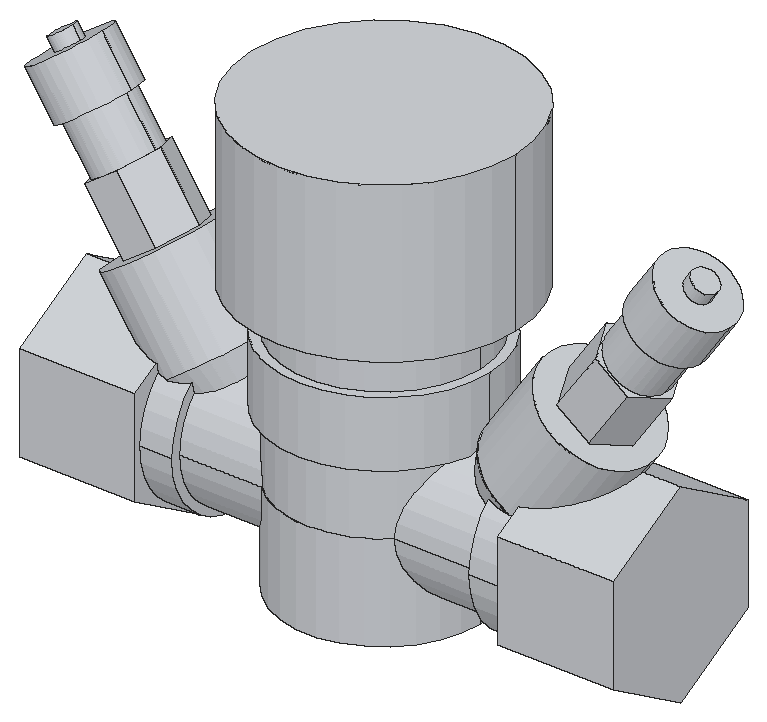
Revit family "D9525-DN20-RFA2018", category Pipe Accessories, Revit 2018
Family settings
  Round Connector Dimension = Use Diameter
  Part Type = Valve - Breaks Into
  Work Plane-Based = No
  Always vertical = Yes
  Cut with Voids When Loaded = No
  Shared = No
Parameters (values of type "9525 DN20")
  magiProductId = "da587af331304b45b3ec03b8fa0f34"
  magiProductFamilyId = "ec630ab62332464eb6277f46734e39"
  magiPartTypeId = 304
  isMeasuringValve [instance] = no
  ang2D [instance] = 0.00°
  ZZ = 11.213 mm
  ZN = 2 mm
  ZB1 = 12.667 mm
  ZB = 14.667 mm
  Z11 = 7 mm
  Z1 = 10 mm
  X0 = 18 mm
  W2D = 20 mm
  VersionID = "2.0/2019.5.23.1/VIR_9525_201"
  VIS0 = no
  V22 = 15.7 mm
  V2 = 17.8 mm
  V = 40 mm
  Use Minimum Symbol Size [instance] = no
  URL = "www.hydronix.cz"
  Type Comments = "závitový; PN10 (-10~+120°C) nebo PN20 (-10~+80°C)"
  RT = 2 mm
  RN = 14.667 mm
  R9 = 5 mm
  R8 = 6 mm
  R3 = 12 mm
  R2 = 10.667 mm
  R11 = 4.5 mm
  R1 = 9 mm
  R = 10 mm
  QmdConnectorList = "301;D;302;D"
  Productdata [instance] = ""
  Manufacturer = "Hydronix"
  MC Product Code = "9525 020 (D9525 DN20; kvs=3,47)"
  MC Piping Given Pressure Drop [instance] = 0.0 Pa
  MC Enable LOD 350 = no
  MC Enable LOD 200 = no
  MC Constant Outlet Pressure [instance] = 0.0 Pa
  L_2 = 45 mm
  LLDONLY = not(BBVIS)  # yes
  LLDAndHLD = and(or(LLDONLY, MC Enable LOD 350), not(BBVIS))  # yes
  LC = 9.8 mm
  L3 = 22.5 mm
  L2__ve = -L2  # -5 mm
  L2D_Min = 30.48 mm
  L2D = 90 mm
  L2 = 5 mm
  L1__ve = -L1  # -17.5 mm
  L1 = 17.5 mm
  L = 90 mm
  I4 = 29.585 mm
  I3 = 47.585 mm
  I2 = 52.5 mm
  I = 105 mm
  HBTR = 7.737 mm
  HBT3 = 7.737 mm
  HBT2 = 10.316 mm
  HBT11 = 14.577 mm
  HBT1 = 25.79 mm
  HBT = 51.58 mm
  HB = 51 mm
  ENBL350 = and(MC Enable LOD 350, not(BBVIS))  # no
  Description = "Ruční vyvažovací a 2-cestný regulační ventil závitový; bronzový; DN20; kvs3,47"
  DB11 = 27.813 mm
  DB1 = 32.205 mm
  DB = 29.277 mm
  D = 20 mm
  CenSd_RN_6 = RN * cos(30.00°)  # 12.702 mm
  CenSd_R8_6 = R8 * cos(30.00°)  # 5.196 mm
  CAT0 = yes
  CAT = no
  BBVIS = MC Enable LOD 200  # no
Types (4, lengths in mm): name | magiProductId | ZZ | ZB1 | ZB | Z11 | Z1 | W2D | RN | R3 | R2 | R | MC Product Code | L_2 | L2D | L | I4 | I3 | I2 | I | HBTR | HBT3 | HBT2 | HBT11 | HBT1 | HBT | HB | Description | DB11 | DB1 | DB | D | CenSd_RN_6
  9525 DN15 NF | "38bc2a49e75f44a19550cf5c31e8d8" | 10.076 | 9 | 11 | 7 | 10 | 15 | 11 | 9 | 8 | 7.5 | "9525 015 (D9525 DN15NF; kvs=1,83)" | 41.5 | 83 | 83 | 26.585 | 44.585 | 49.5 | 99 | 6.952 | 6.952 | 9.27 | 13.099 | 23.175 | 46.35 | 51 | "Ruční vyvažovací a 2-cestný regulační ventil závitový; bronzový; DN15NF; kvs1,83" | 25.65 | 29.7 | 27 | 15 | 9.526
  9525 DN15 LF | "0f0d3c44fff84d33bcc3edb98b3d66" | 10.076 | 9 | 11 | 7 | 10 | 15 | 11 | 9 | 8 | 7.5 | "9525 014 (D9525 DN15LF; kvs=0,86)" | 41.5 | 83 | 83 | 26.585 | 44.585 | 49.5 | 99 | 6.952 | 6.952 | 9.27 | 13.099 | 23.175 | 46.35 | 51 | "Ruční vyvažovací a 2-cestný regulační ventil závitový; bronzový; DN15LF; kvs0,86" | 25.65 | 29.7 | 27 | 15 | 9.526
  9525 DN20 | "da587af331304b45b3ec03b8fa0f34" | 11.213 | 12.667 | 14.667 | 7 | 10 | 20 | 14.667 | 12 | 10.667 | 10 | "9525 020 (D9525 DN20; kvs=3,47)" | 45 | 90 | 90 | 29.585 | 47.585 | 52.5 | 105 | 7.737 | 7.737 | 10.316 | 14.577 | 25.79 | 51.58 | 51 | "Ruční vyvažovací a 2-cestný regulační ventil závitový; bronzový; DN20; kvs3,47" | 27.813 | 32.205 | 29.277 | 20 | 12.702
  9525 DN25 | "1f5bab54bc3c45cdac322ce9a95cfe" | 11.971 | 16.333 | 18.333 | 9.745 | 13.922 | 25 | 18.333 | 15 | 13.333 | 12.5 | "9525 025 (D9525 DN25; kvs=6,30)" | 49 | 98 | 98 | 31.585 | 49.585 | 54.5 | 109 | 8.26 | 8.26 | 11.013 | 15.562 | 27.533 | 55.067 | 71 | "Ruční vyvažovací a 2-cestný regulační ventil závitový; bronzový; DN25; kvs6,30" | 30.286 | 35.067 | 31.88 | 25 | 15.877
Reference planes
  plane 1 "Center (Front/Back)": y = 0
  plane 2 "XYPLANE": z = 0
  plane 3 "Center (Left/Right)": x = 0
  plane 4 "506": x = -2.2
  plane 5 "476": through (-589.932, 0, 439.368) normal (0.5736, 0, 0.8192)
  plane 6 "473": through (-638.796, 0, -420.997) normal (-0.5736, 0, 0.8192)
  plane 7 "470": z = -12.667
  plane 8 "442": x = 52.5
  plane 9 "441": x = -52.5
  plane 10 "440": y = 20
  plane 11 "439": y = -20
  plane 12 "438": z = -14.667
  plane 13 "436": through (-566.779, 0, 472.434) normal (0.5736, 0, 0.8192)
  plane 14 "435": through (-571.217, 0, 466.096) normal (0.5736, 0, 0.8192)
  plane 15 "434": through (-575.654, 0, 459.759) normal (0.5736, 0, 0.8192)
  plane 16 "433": through (-581.571, 0, 451.308) normal (0.5736, 0, 0.8192)
  plane 17 "422": through (-661.949, 0, -387.93) normal (-0.5736, 0, 0.8192)
  plane 18 "419": through (-657.511, 0, -394.268) normal (-0.5736, 0, 0.8192)
  plane 19 "416": through (-653.074, 0, -400.606) normal (-0.5736, 0, 0.8192)
  plane 20 "413": through (-647.157, 0, -409.056) normal (-0.5736, 0, 0.8192)
  plane 21 "400": z = 35.2
  plane 22 "397": z = 33.2
  plane 23 "396": z = 51
  plane 24 "395": z = 27
  plane 25 "394": x = -20
  plane 26 "393": x = -0.2
  plane 27 "390": z = 20
  plane 28 "387": z = 10
  plane 29 "369": x = -18
  plane 30 "368": x = 18
  plane 31 "364": z = -14.667
  plane 32 "356": y = 0
  plane 33 "355": through (-448.182, 0, 614.364) normal (0.8192, 0, 0.5736)
  plane 34 "353": through (-632.364, 0, -430.182) normal (-0.5736, 0, 0.8192)
  plane 35 "328": y = 0
  plane 36 "157": x = 22.5
  plane 37 "70": through (-596.364, 0, 430.182) normal (0.5736, 0, 0.8192)
  plane 38 "68": through (448.182, 0, 614.364) normal (0.8192, 0, -0.5736)
  plane 39 "21": x = -22.5
  plane 40 "20": x = 27.5
  plane 41 "19": x = -27.5
  plane 42 "13": x = 0
  plane 43 "11": x = 45
  plane 44 "10": x = -45
  plane 45 "9": y = 0
  plane 46 "8": z = 0
  plane 47 "340XY": through (-632.364, 0, -430.182) normal (-0.5736, 0, 0.8192)
  plane 48 "340XZ": y = 0
  plane 49 "340YZ": through (-448.182, 0, 614.364) normal (0.8192, 0, 0.5736)
  plane 50 "65XY": through (-596.364, 0, 430.182) normal (0.5736, 0, 0.8192)
  plane 51 "65XZ": y = 0
  plane 52 "65YZ": through (448.182, 0, 614.364) normal (0.8192, 0, -0.5736)
Forms (mm)
  Extrusion 1, solid, visible <- "LLDAndHLD"
    sketch origin (-581.571, 0, 451.308) x (0.819152, 0, -0.573576) y (0, 1, 0)
      loop
        line (756, 0) -> (753, 5.196) -> (747, 5.196) -> (744, 0) -> (747, -5.196) -> (753, -5.196) -> (756, 0)
    from 0 to 10.316 <- "HBT2"
  Extrusion 2, solid, visible <- "LLDAndHLD"
    sketch origin (-647.157, 0, -409.056) x (0.819152, 0, 0.573576) y (0, 1, 0)
      loop
        line (756, 0) -> (753, 5.196) -> (747, 5.196) -> (744, 0) -> (747, -5.196) -> (753, -5.196) -> (756, 0)
    from 0 to 10.316 <- "HBT2"
  Blend 3, solid, visible <- "LLDAndHLD"
    base sketch origin (-596.364, 0, 430.182) x (0.819152, 0, -0.573576) y (0, 1, 0)
      loop
        circle (750, 0) r 4.5
    top sketch origin (-596.364, 0, 430.182) x (0.819152, 0, -0.573576) y (0, 1, 0)
      loop
        circle (750, 0) r 9
    from 0 to 11.213
  Blend 4, solid, visible <- "LLDAndHLD"
    base sketch origin (-638.796, 0, -420.997) x (0.819152, 0, 0.573576) y (0, 1, 0)
      loop
        circle (750, 0) r 9
    top sketch origin (-638.796, 0, -420.997) x (0.819152, 0, 0.573576) y (0, 1, 0)
      loop
        circle (750, 0) r 4.5
    from 0 to -11.213
  Blend 5, solid, visible <- "ENBL350"
    base sketch origin (-750, 0, -12.667) x (1, 0, 0) y (0, 1, 0)
      loop
        circle (750, 0) r 14.639
    top sketch origin (-750, 0, -12.667) x (1, 0, 0) y (0, 1, 0)
      loop
        circle (750, 0) r 13.907
    from 0 to -2
  Extrusion 6, solid, visible <- "ENBL350"
    sketch origin (-750, 0, -12.667) x (1, 0, 0) y (0, 1, 0)
      loop
        circle (750, 0) r 14.639
    from 0 to 12.667 <- "ZB1"
  Blend 7, solid, visible <- "BBVIS"
    base sketch origin (-750, 0, -14.667) x (1, 0, 0) y (0, 1, 0)
      loop
        line (697.5, -20) -> (802.5, -20) -> (802.5, 20) -> (697.5, 20) -> (697.5, -20)
    top sketch origin (-750, 0, -14.667) x (1, 0, 0) y (0, 1, 0)
      loop
        line (697.5, -20) -> (802.5, -20) -> (802.5, 20) -> (697.5, 20) -> (697.5, -20)
    from 0 to 65.667
  Blend 8, solid, visible <- "LLDONLY"
    base sketch origin (-750, 0, 27) x (1, 0, 0) y (0, 1, 0)
      loop
        circle (750, 0) r 20
    top sketch origin (-750, 0, 27) x (1, 0, 0) y (0, 1, 0)
      loop
        circle (750, 0) r 20
    from 0 to 24
  Extrusion 9, solid, visible <- "LLDAndHLD"
    sketch origin (-589.932, 0, 439.368) x (0.819152, 0, -0.573576) y (0, 1, 0)
      loop
        circle (750, 0) r 9
    from 0 to 14.577 <- "HBT11"
  Extrusion 10, solid, visible <- "LLDAndHLD"
    sketch origin (-575.654, 0, 459.759) x (0.819152, 0, -0.573576) y (0, 1, 0)
      loop
        circle (750, 0) r 5
    from 0 to 7.737 <- "HBT3"
  Extrusion 11, solid, visible <- "LLDAndHLD"
    sketch origin (-571.217, 0, 466.096) x (0.819152, 0, -0.573576) y (0, 1, 0)
      loop
        circle (750, 0) r 6
    from 0 to 7.737 <- "HBTR"
  Extrusion 12, solid, visible <- "LLDAndHLD"
    sketch origin (-566.779, 0, 472.434) x (0.819152, 0, -0.573576) y (0, 1, 0)
      loop
        circle (750, 0) r 2
    from 0 to 2
  Extrusion 13, solid, visible <- "LLDAndHLD"
    sketch origin (-661.949, 0, -387.93) x (0.819152, 0, 0.573576) y (0, 1, 0)
      loop
        circle (750, 0) r 2
    from 0 to 2
  Extrusion 14, solid, visible <- "LLDAndHLD"
    sketch origin (-657.511, 0, -394.268) x (0.819152, 0, 0.573576) y (0, 1, 0)
      loop
        circle (750, 0) r 6
    from 0 to 7.737 <- "HBTR"
  Extrusion 15, solid, visible <- "LLDAndHLD"
    sketch origin (-653.074, 0, -400.606) x (0.819152, 0, 0.573576) y (0, 1, 0)
      loop
        circle (750, 0) r 5
    from 0 to 7.737 <- "HBT3"
  Extrusion 16, solid, visible <- "LLDAndHLD"
    sketch origin (-638.796, 0, -420.997) x (0.819152, 0, 0.573576) y (0, 1, 0)
      loop
        circle (750, 0) r 9
    from 0 to 14.577 <- "HBT11"
  Revolve 17, solid, visible <- "ENBL350"
    sketch origin (-0.2, 0, 27) x (0, 0, -1) y (1, 0, 0)
      loop
        line (0, 0) -> (-24, 0) -> (-24, -2) -> (-24, -4.1)
        arc (-24, -4.1) -> (-19.402, -15.202) -> (-8.3, -19.8) r 15.7
        line (-8.3, -19.8) -> (0, -19.8) -> (0, -2) -> (0, 0)
      axis (-24, 0.2) -> (0, 0.2)
    angle from 0 to -360
  Extrusion 18, solid, visible <- "LLDAndHLD"
    sketch origin (-750, 0, 20) x (1, 0, 0) y (0, 1, 0)
      loop
        circle (750, 0) r 14.639
    from 0 to 7 <- "Z11"
  Extrusion 19, solid, visible <- "LLDAndHLD"
    sketch origin (-750, 0, 10) x (1, 0, 0) y (0, 1, 0)
      loop
        circle (750, 0) r 16.102
    from 0 to 10 <- "Z1"
  Blend 20, solid, visible <- "LLDAndHLD"
    base sketch origin (-22.5, -750, 0) x (0, 1, 0) y (0, 0, 1)
      loop
        circle (750, 0) r 10.667
    top sketch origin (-22.5, -750, 0) x (0, 1, 0) y (0, 0, 1)
      loop
        circle (750, 0) r 10.667
    from 0 to 45
  Extrusion 21, solid, visible <- "LLDAndHLD"
    sketch origin (-750, 0, 0) x (1, 0, 0) y (0, 1, 0)
      loop
        circle (750, 0) r 14.639
    from 0 to 10 <- "Z1"
  Extrusion 22, solid, visible <- "LLDONLY"
    sketch origin (-750, 0, -14.667) x (1, 0, 0) y (0, 1, 0)
      loop
        circle (750, 0) r 14.639
    from 0 to 14.667 <- "ZB"
  Extrusion 23, solid, visible <- "LLDAndHLD"
    sketch origin (22.5, -750, 0) x (0, 1, 0) y (0, 0, 1)
      loop
        circle (750, 0) r 12
    from 0 to 5 <- "L2"
  Extrusion 24, solid, visible <- "LLDAndHLD"
    sketch origin (-22.5, -750, 0) x (0, 1, 0) y (0, 0, 1)
      loop
        circle (750, 0) r 12
    from 0 to -5 <- "L2__ve"
  Extrusion 25, solid, visible <- "LLDAndHLD"
    sketch origin (45, -750, 0) x (0, 1, 0) y (0, 0, 1)
      loop
        line (750, 14.667) -> (737.298, 7.333) -> (737.298, -7.333) -> (750, -14.667) -> (762.702, -7.333) -> (762.702, 7.333) -> (750, 14.667)
    from 0 to -17.5 <- "L1__ve"
  Extrusion 26, solid, visible <- "LLDAndHLD"
    sketch origin (-45, -750, 0) x (0, 1, 0) y (0, 0, 1)
      loop
        line (750, 14.667) -> (737.298, 7.333) -> (737.298, -7.333) -> (750, -14.667) -> (762.702, -7.333) -> (762.702, 7.333) -> (750, 14.667)
    from 0 to 17.5 <- "L1"
  Extrusion 27, solid, not visible
    sketch origin (45, -750, 0) x (0, 1, 0) y (0, 0, 1)
      loop
        circle (750, 0) r 10
    from 0 to -10
  Extrusion 28, solid, not visible
    sketch origin (-45, -750, 0) x (0, 1, 0) y (0, 0, 1)
      loop
        circle (750, 0) r 10
    from 0 to 10
Lines and regions (mm)
  reference lines, not visible
    curve 1: circle (2, 2, 0) r 1 normal (0, 0, 1)
  reference lines
    curve 2: line (32.793, 0, 21.126) -> (31.564, 2.598, 21.986)
    curve 3: line (32.793, 0, 21.126) -> (30.335, 0, 22.847)
    curve 4: line (32.793, 0, 21.126) -> (31.564, -2.598, 21.986)
    curve 5: line (-32.793, 0, 21.126) -> (-34.021, 2.598, 20.266)
    curve 6: line (-32.793, 0, 21.126) -> (-35.25, 0, 19.405)
    curve 7: line (-32.793, 0, 21.126) -> (-34.021, -2.598, 20.266)
    curve 8: line (45, 0, 0) -> (45, -4.763, -2.75)
    curve 9: line (45, 0, 0) -> (45, 0, -5.5)
    curve 10: line (45, 0, 0) -> (45, 4.763, -2.75)
    curve 11: line (-45, 0, 0) -> (-45, 4.763, -2.75)
    curve 12: line (-45, 0, 0) -> (-45, 0, -5.5)
    curve 13: line (-45, 0, 0) -> (-45, -4.763, -2.75)
Dimensions and locks
  plane 1 "Center (Front/Back)" to curve 1 = 2 mm
  locked: plane 26 "393" to plane 4 "506" at 2
  "ZZ": plane 37 "70" to plane 5 "476"
  "ZZ": plane 34 "353" to plane 6 "473"
  locked: plane 31 "364" to plane 7 "470" at 2
  "I2": plane 42 "13" to plane 8 "442"
  "I2": plane 42 "13" to plane 9 "441"
  "V": plane 11 "439" to plane 10 "440"
  locked: plane 45 "9" to plane 11 "439" at 20
  "RN": plane 46 "8" to plane 12 "438"
  "HBTR": plane 14 "435" to plane 13 "436"
  "HBT3": plane 15 "434" to plane 14 "435"
  "HBT2": plane 16 "433" to plane 15 "434"
  "HBT1": plane 37 "70" to plane 16 "433"
  "HBTR": plane 18 "419" to plane 17 "422"
  "HBT3": plane 19 "416" to plane 18 "419"
  "HBT2": plane 20 "413" to plane 19 "416"
  "HBT1": plane 34 "353" to plane 20 "413"
  "ZN": plane 22 "397" to plane 21 "400"
  "V2": plane 23 "396" to plane 22 "397"
  "HB": plane 2 "XYPLANE" to plane 23 "396"
  "Z11": plane 27 "390" to plane 24 "395"
  "V2": plane 4 "506" to plane 25 "394"
  locked: plane 42 "13" to plane 26 "393" at 0.2
  "Z1": plane 28 "387" to plane 27 "390"
  "Z1": plane 2 "XYPLANE" to plane 28 "387"
  "X0": plane 3 "Center (Left/Right)" to plane 29 "369"
  "X0": plane 3 "Center (Left/Right)" to plane 30 "368"
  "ZB": plane 2 "XYPLANE" to plane 31 "364"
  locked: plane 45 "9" to plane 32 "356"
  locked: plane 49 "340YZ" to plane 33 "355"
  locked: plane 47 "340XY" to plane 34 "353" at 0
  locked: plane 45 "9" to plane 35 "328"
  "L2": plane 40 "20" to plane 36 "157"
  locked: plane 50 "65XY" to plane 37 "70"
  locked: plane 52 "65YZ" to plane 38 "68"
  "L2": plane 41 "19" to plane 39 "21"
  "L1": plane 43 "11" to plane 40 "20"
  "L1": plane 44 "10" to plane 41 "19"
  locked: plane 3 "Center (Left/Right)" to plane 42 "13"
  "L_2": plane 3 "Center (Left/Right)" to plane 43 "11"
  "L_2": plane 3 "Center (Left/Right)" to plane 44 "10"
  locked: plane 1 "Center (Front/Back)" to plane 45 "9"
  locked: plane 2 "XYPLANE" to plane 46 "8"
  "CenSd_R8_6": curve 2 to Extrusion 1 sketch curve  (x2)
  "CenSd_R8_6": curve 3 to Extrusion 1 sketch curve  (x2)
  "CenSd_R8_6": curve 4 to Extrusion 1 sketch curve  (x2)
  Extrusion 1 sketch curve to Extrusion 1 sketch curve = 0 mm  (x12)
  "CenSd_R8_6": curve 5 to Extrusion 2 sketch curve  (x2)
  "CenSd_R8_6": curve 6 to Extrusion 2 sketch curve  (x2)
  "CenSd_R8_6": curve 7 to Extrusion 2 sketch curve  (x2)
  Extrusion 2 sketch curve to Extrusion 2 sketch curve = 0 mm  (x12)
  Blend 7 sketch curve to Blend 7 sketch curve = 0 mm  (x16)
  Revolve 17 sketch curve to Revolve 17 sketch curve = 0 mm  (x14)
  "CenSd_RN_6": curve 8 to Extrusion 25 sketch curve  (x2)
  "CenSd_RN_6": curve 9 to Extrusion 25 sketch curve  (x2)
  "CenSd_RN_6": curve 10 to Extrusion 25 sketch curve  (x2)
  Extrusion 25 sketch curve to Extrusion 25 sketch curve = 0 mm  (x12)
  "CenSd_RN_6": curve 11 to Extrusion 26 sketch curve  (x2)
  "CenSd_RN_6": curve 12 to Extrusion 26 sketch curve  (x2)
  "CenSd_RN_6": curve 13 to Extrusion 26 sketch curve  (x2)
  Extrusion 26 sketch curve to Extrusion 26 sketch curve = 0 mm  (x12)
  "R1": radius of Blend 3 sketch curve
  "R11": radius of Blend 3 sketch curve
  "R11": radius of Blend 4 sketch curve
  "R1": radius of Blend 4 sketch curve
  "DB11": diameter of Blend 5 sketch curve
  "DB": diameter of Blend 5 sketch curve
  "DB": diameter of Extrusion 6 sketch curve
  "V": diameter of Blend 8 sketch curve  (x2)
  "R1": radius of Extrusion 9 sketch curve
  "R9": radius of Extrusion 10 sketch curve
  "R8": radius of Extrusion 11 sketch curve
  "RT": radius of Extrusion 12 sketch curve
  "RT": radius of Extrusion 13 sketch curve
  "R8": radius of Extrusion 14 sketch curve
  "R9": radius of Extrusion 15 sketch curve
  "R1": radius of Extrusion 16 sketch curve
  "V22": radius of Revolve 17 sketch curve
  "DB": diameter of Extrusion 18 sketch curve
  "DB1": diameter of Extrusion 19 sketch curve
  "R2": radius of Blend 20 sketch curve  (x2)
  "DB": diameter of Extrusion 21 sketch curve
  "DB": diameter of Extrusion 22 sketch curve
  "R3": radius of Extrusion 23 sketch curve
  "R3": radius of Extrusion 24 sketch curve
  locked: curve 3 to curve 2 (angle 60.00°)
  locked: curve 4 to curve 3 (angle 60.00°)
  locked: curve 4 to curve 2 (angle 120.00°)
  locked: curve 6 to curve 5 (angle 60.00°)
  locked: curve 7 to curve 6 (angle 60.00°)
  locked: curve 7 to curve 5 (angle 120.00°)
  locked: curve 9 to curve 8 (angle 60.00°)
  locked: curve 10 to curve 9 (angle 60.00°)
  locked: curve 10 to curve 8 (angle 120.00°)
  locked: curve 12 to curve 11 (angle 60.00°)
  locked: curve 13 to curve 12 (angle 60.00°)
  locked: curve 13 to curve 11 (angle 120.00°)
  aligned and locked: level to plane 2 "XYPLANE"
  aligned and locked: curve 2 to plane 38 "68"
  aligned and locked: plane 35 "328" to curve 3
  aligned and locked: curve 5 to plane 33 "355"
  aligned and locked: plane 32 "356" to curve 6
  aligned and locked: plane 35 "328" to Blend 3 sketch curve  (x2)
  aligned and locked: Blend 3 sketch curve to plane 38 "68"  (x2)
  aligned and locked: plane 5 "476" to Blend 3
  aligned and locked: plane 32 "356" to Blend 4 sketch curve  (x2)
  aligned and locked: Blend 4 sketch curve to plane 33 "355"  (x2)
  aligned and locked: Blend 4 to plane 34 "353"
  aligned and locked: plane 42 "13" to Blend 5 sketch curve  (x2)
  aligned and locked: plane 45 "9" to Blend 5 sketch curve  (x2)
  aligned and locked: Blend 5 to plane 31 "364"
  aligned and locked: plane 42 "13" to Extrusion 6 sketch curve
  aligned and locked: plane 45 "9" to Extrusion 6 sketch curve
  aligned and locked: plane 9 "441" to Blend 7 sketch curve  (x4)
  aligned and locked: plane 11 "439" to Blend 7 sketch curve  (x4)
  aligned and locked: plane 10 "440" to Blend 7 sketch curve  (x4)
  aligned and locked: plane 8 "442" to Blend 7 sketch curve  (x4)
  aligned and locked: plane 23 "396" to Blend 7
  aligned and locked: plane 42 "13" to Blend 8 sketch curve  (x2)
  aligned and locked: plane 45 "9" to Blend 8 sketch curve  (x2)
  aligned and locked: plane 23 "396" to Blend 8
  aligned and locked: plane 35 "328" to Extrusion 9 sketch curve
  aligned and locked: Extrusion 9 sketch curve to plane 38 "68"
  aligned and locked: plane 35 "328" to Extrusion 10 sketch curve
  aligned and locked: Extrusion 10 sketch curve to plane 38 "68"
  aligned and locked: plane 35 "328" to Extrusion 11 sketch curve
  aligned and locked: Extrusion 11 sketch curve to plane 38 "68"
  aligned and locked: plane 35 "328" to Extrusion 12 sketch curve
  aligned and locked: Extrusion 12 sketch curve to plane 38 "68"
  aligned and locked: plane 32 "356" to Extrusion 13 sketch curve
  aligned and locked: Extrusion 13 sketch curve to plane 33 "355"
  aligned and locked: plane 32 "356" to Extrusion 14 sketch curve
  aligned and locked: Extrusion 14 sketch curve to plane 33 "355"
  aligned and locked: plane 32 "356" to Extrusion 15 sketch curve
  aligned and locked: Extrusion 15 sketch curve to plane 33 "355"
  aligned and locked: plane 32 "356" to Extrusion 16 sketch curve
  aligned and locked: Extrusion 16 sketch curve to plane 33 "355"
  aligned and locked: plane 26 "393" to Revolve 17 sketch curve  (x2)
  aligned and locked: plane 24 "395" to Revolve 17 sketch curve  (x3)
  aligned and locked: plane 23 "396" to Revolve 17 sketch curve  (x3)
  aligned and locked: plane 4 "506" to Revolve 17 sketch curve  (x2)
  aligned and locked: Revolve 17 sketch curve to plane 25 "394"
  aligned and locked: plane 25 "394" to Revolve 17 sketch curve
  aligned and locked: Revolve 17 sketch curve to plane 24 "395"
  aligned and locked: plane 42 "13" to Extrusion 18 sketch curve
  aligned and locked: plane 45 "9" to Extrusion 18 sketch curve
  aligned and locked: plane 42 "13" to Extrusion 19 sketch curve
  aligned and locked: plane 45 "9" to Extrusion 19 sketch curve
  aligned and locked: Blend 20 sketch curve to plane 45 "9"  (x2)
  aligned and locked: plane 46 "8" to Blend 20 sketch curve  (x2)
  aligned and locked: plane 36 "157" to Blend 20
  aligned and locked: plane 42 "13" to Extrusion 21 sketch curve
  aligned and locked: plane 45 "9" to Extrusion 21 sketch curve
  aligned and locked: plane 42 "13" to Extrusion 22 sketch curve
  aligned and locked: plane 45 "9" to Extrusion 22 sketch curve
  aligned and locked: Extrusion 23 sketch curve to plane 45 "9"
  aligned and locked: plane 46 "8" to Extrusion 23 sketch curve
  aligned and locked: Extrusion 24 sketch curve to plane 45 "9"
  aligned and locked: plane 46 "8" to Extrusion 24 sketch curve
  aligned and locked: curve 10 to plane 45 "9"
  aligned and locked: plane 46 "8" to curve 10
  aligned and locked: curve 13 to plane 45 "9"
  aligned and locked: plane 46 "8" to curve 13
  aligned and locked: Extrusion 27 sketch curve to plane 45 "9"
  aligned and locked: plane 46 "8" to Extrusion 27 sketch curve
  aligned and locked: Extrusion 28 sketch curve to plane 45 "9"
  aligned and locked: plane 46 "8" to Extrusion 28 sketch curve
  aligned and locked: plane 42 "13" to nested 1
  aligned and locked: plane 45 "9" to nested 1
Automatic sketch dimensions
  plane 1 "Center (Front/Back)" to Extrusion 27 sketch curve = 10 mm
  plane 1 "Center (Front/Back)" to Extrusion 28 sketch curve = 10 mm
  plane 3 "Center (Left/Right)" to curve 1 = 2 mm
  Revolve 17 sketch curve to plane 3 "Center (Left/Right)" = 0 mm
  radius of curve 1 = 1 mm
Nested families
  nested 1: "2_RadialArray" at (0, 0, 35.2), LC <- "LC", type "Family21"
    with X 11 mm, StartAngle 90.00°, SW 5 mm, SH 13 mm, NumberOfObjects 6, ModelLinesVisible no, LC 9.8 mm, ArcAngle 360.00°
Connectors
  piping at (-45, 0, 0), diameter 20, driven by "D"
    settings: on Extrusion 28, index 1, connector inside diameter 609.6 mm, connector length 0 mm, flow factor 0, pipe flow 0.0 L/s, pressure drop 0.0 Pa, fitting loss kfactor 0, connector angle 0.00°, fixture units 0, engagement length 0 mm, angle of deflection 0.00°, flow configuration 0, flow direction 0, fitting loss method 0, system type 29, joint type 0, gender type 0, connector reference index 2, connector utility 0, adjustable connector no, is connector primary yes, connector description ""
  piping at (45, 0, 0), diameter 20, driven by "D"
    settings: on Extrusion 27, index 2, connector inside diameter 609.6 mm, connector length 0 mm, flow factor 0, pipe flow 0.0 L/s, pressure drop 0.0 Pa, fitting loss kfactor 0, connector angle 0.00°, fixture units 0, engagement length 0 mm, angle of deflection 0.00°, flow configuration 0, flow direction 0, fitting loss method 0, system type 29, joint type 0, gender type 0, connector reference index 1, connector utility 0, adjustable connector no, is connector primary no, connector description ""
